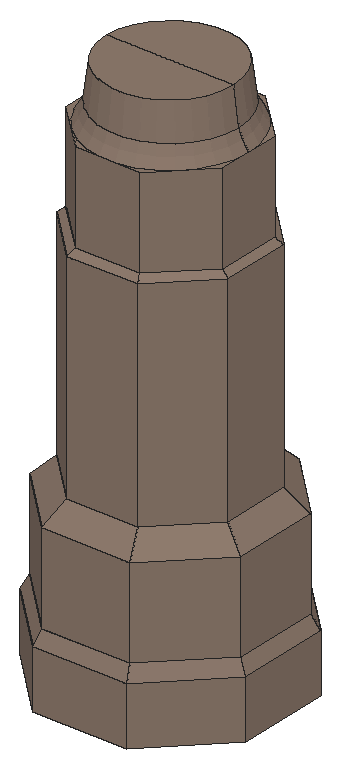
Revit family "CB6301", category Generic Models, Revit 2014
Parameters
  BASE = Bronze, Architectural
Reference planes (in)
  plane 1 "Center (Front/Back)": y = 0
  plane 2: z = 0
  plane 3 "Center (Left/Right)": x = 0
Forms (in)
  Extrusion 1, solid, material "Bronze, Architectural" <- "BASE"
    sketch origin (0, -1.75, -4.25) x (1, 0, 0) y (0, 1, 0)
      loop
        line (-4.875, -0.26929) -> (-2.01929, -3.125) -> (2.01929, -3.125) -> (4.875, -0.26929) -> (4.875, 3.76929) -> (2.01929, 6.625) -> (-2.01929, 6.625) -> (-4.875, 3.76929) -> (-4.875, -0.26929)
    from 4.25 to 6.75
  Extrusion 2, solid, material "Bronze, Architectural" <- "BASE"
    sketch origin (0, -5, -1) x (1, 0, 0) y (0, 1, 0)
      loop
        line (-4.5625, 3.11015) -> (-1.88985, 0.4375) -> (1.88985, 0.4375) -> (4.5625, 3.11015) -> (4.5625, 6.88985) -> (1.88985, 9.5625) -> (-1.88985, 9.5625) -> (-4.5625, 6.88985) -> (-4.5625, 3.11015)
    from 4.125 to 8
  Extrusion 3, solid, material "Bronze, Architectural" <- "BASE"
    sketch origin (0, -13, 6) x (1, 0, 0) y (0, 1, 0)
      loop
        line (-3.6875, 11.47259) -> (-1.52741, 9.3125) -> (1.52741, 9.3125) -> (3.6875, 11.47259) -> (3.6875, 14.52741) -> (1.52741, 16.6875) -> (-1.52741, 16.6875) -> (-3.6875, 14.52741) -> (-3.6875, 11.47259)
    from 1.875 to 11.25
  Extrusion 4, solid, material "Bronze, Architectural" <- "BASE"
    sketch origin (0, -19.6115, 14.63258) x (1, 0, 0) y (0, 1, 0)
      loop
        line (-3.375, 18.21353) -> (-1.39797, 16.2365) -> (1.39797, 16.2365) -> (3.375, 18.21353) -> (3.375, 21.00947) -> (1.39797, 22.9865) -> (-1.39797, 22.9865) -> (-3.375, 21.00947) -> (-3.375, 18.21353)
    from 2.86742 to 6.74242
  SweptBlend 5, solid, material "Bronze, Architectural" <- "BASE"
    path origin (0, 0, 0) x (1, 0, 0) y (0, 0, 1)
      loop
        line (0, 3.125) -> (0, 2.5)
    profile origin (0, 0, 3.125) x (0, -1, 0) y (1, 0, 0)
      loop
        line (-1.88985, -4.5625) -> (1.88985, -4.5625) -> (4.5625, -1.88985) -> (4.5625, 1.88985) -> (1.88985, 4.5625) -> (-1.88985, 4.5625) -> (-4.5625, 1.88985) -> (-4.5625, -1.88985) -> (-1.88985, -4.5625)
    end profile origin (0, 0, 2.5) x (0, -1, 0) y (1, 0, 0)
      loop
        line (-2.01929, -4.875) -> (2.01929, -4.875) -> (4.875, -2.01929) -> (4.875, 2.01929) -> (2.01929, 4.875) -> (-2.01929, 4.875) -> (-4.875, 2.01929) -> (-4.875, -2.01929) -> (-2.01929, -4.875)
  SweptBlend 6, solid, material "Bronze, Architectural" <- "BASE"
    path origin (0, 0, 0) x (1, 0, 0) y (0, 0, 1)
      loop
        line (0, 7.875) -> (0, 7)
    profile origin (0, 0, 7.875) x (0, -1, 0) y (1, 0, 0)
      loop
        line (-1.52741, -3.6875) -> (1.52741, -3.6875) -> (3.6875, -1.52741) -> (3.6875, 1.52741) -> (1.52741, 3.6875) -> (-1.52741, 3.6875) -> (-3.6875, 1.52741) -> (-3.6875, -1.52741) -> (-1.52741, -3.6875)
    end profile origin (0, 0, 7) x (0, -1, 0) y (1, 0, 0)
      loop
        line (-1.88985, -4.5625) -> (1.88985, -4.5625) -> (4.5625, -1.88985) -> (4.5625, 1.88985) -> (1.88985, 4.5625) -> (-1.88985, 4.5625) -> (-4.5625, 1.88985) -> (-4.5625, -1.88985) -> (-1.88985, -4.5625)
  SweptBlend 7, solid, material "Bronze, Architectural" <- "BASE"
    path origin (0, 0, 0) x (1, 0, 0) y (0, 0, 1)
      loop
        line (0, 17.5) -> (0, 17.25)
    profile origin (0, 0, 17.5) x (0, -1, 0) y (1, 0, 0)
      loop
        line (-1.39797, -3.375) -> (1.39797, -3.375) -> (3.375, -1.39797) -> (3.375, 1.39797) -> (1.39797, 3.375) -> (-1.39797, 3.375) -> (-3.375, 1.39797) -> (-3.375, -1.39797) -> (-1.39797, -3.375)
    end profile origin (0, 0, 17.25) x (0, -1, 0) y (1, 0, 0)
      loop
        line (-1.52741, -3.6875) -> (1.52741, -3.6875) -> (3.6875, -1.52741) -> (3.6875, 1.52741) -> (1.52741, 3.6875) -> (-1.52741, 3.6875) -> (-3.6875, 1.52741) -> (-3.6875, -1.52741) -> (-1.52741, -3.6875)
  Revolve 8, solid, material "Bronze, Architectural" <- "BASE"
    sketch origin (0, 0, 0) x (1, 0, 0) y (0, 0, 1)
      loop
        arc (-2.75, 23.75) -> (-2.82174, 22.9637) -> (-2.95275, 22.18508) r 10.43089
        arc (-2.95275, 22.18508) -> (-3.12952, 21.76213) -> (-3.375, 21.375) r 2.71175
        line (-3.375, 21.375) -> (0, 21.375) -> (0, 23.75) -> (-2.75, 23.75)
      axis (0, 21.375) -> (0, 23.75)
    angle from 0 to 360
Dimensions and locks (in)
  aligned and locked: plane 2 to level
